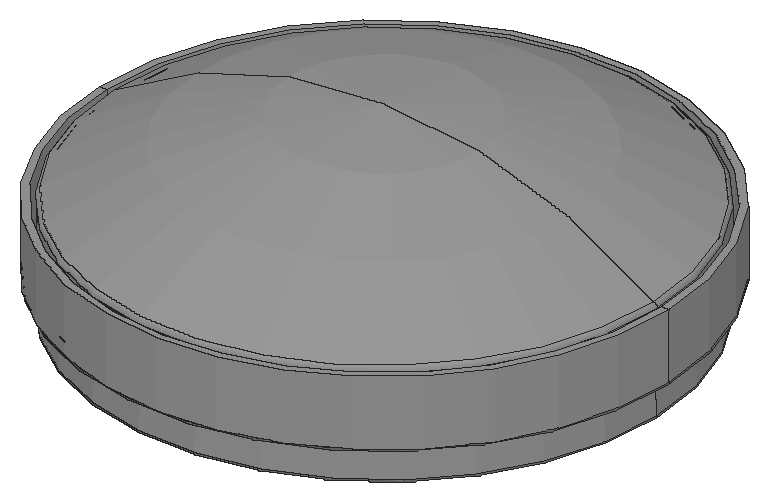
Revit family "3034797 Sylvania Lighting Fixture GIOTTO335 LED G2 3000K SURFACE", category Lighting Fixtures, host Face, Revit 2016
Family settings
  Host = Face
  Part Type = Normal
  Round Connector Dimension = Use Diameter
  OmniClass Number = 23.80.70.00
  OmniClass Title = Lighting
  Cut with Voids When Loaded = No
  Light Source = Yes
  Shared = No
  Room Calculation Point = No
Parameters (values of type "3034797 GIOTTO335 LED G2 SURFACE 3000K")
  Weight = "1.2 kg"
  Wattage Comments = ""
  Wattage = 23 W
  WarrantyStartDate [instance] = "n/a"
  WarrantyGuarantorParts = "n/a"
  WarrantyDurationUnit = "n/a"
  WarrantyDurationParts = "n/a"
  WarrantyDescription = "n/a"
  built-in parameter 1150110 = 1 (stored number, unit not read)
  Voltage = 230 V
  URL = "http://www.sylvania-lighting.com"
  TypeName = "GIOTTO335 LED G2 3000K SURFACE"
  Type Image = <None>
  Type Comments = "n/a"
  built-in parameter 1114217 = 1 (stored number, unit not read)
  Tilt Angle = -90.00°
  built-in parameter 1150109 = 1 (stored number, unit not read)
  built-in parameter 1150134 = (empty or 0)
  built-in parameter 1150113 = 1 (stored number, unit not read)
  SerialNumber [instance] = "n/a"
  Photometric Web File = "3034797.ies"
  Material_3_SYL = LED-Sylvania
  PowerFactor = 0
  PowerConsumption = "23 W"
  NominalLength = 335 mm
  NominalHeight = 110 mm
  NominalDepth = 335 mm
  Name = "GIOTTO335 LED G2 3000K SURFACE"
  ModelReference = Name  # "GIOTTO335 LED G2 3000K SURFACE"
  ModelNumber = "3034797"
  Model = Name  # "GIOTTO335 LED G2 3000K SURFACE"
  Material = "polycarbonate housing, polycarbonate diffuser"
  ManufacturerName = "Feilo Sylvania"
  Manufacturer = "Feilo Sylvania"
  LuminousEfficacy = "92 lm/W"
  built-in parameter 1150105 = 647.62 (stored number, unit not read)
  Lumens = 2116 lm
  LuminaireType = ""
  built-in parameter 1150115 = 1 (stored number, unit not read)
  LightOutputRatio = "n/a"
  built-in parameter 1150137 = (empty or 0)
  built-in parameter 1150139 = (empty or 0)
  LampsType = Lamp  # "LED"
  LampNominalLuminous = "2111 lm"
  LampMacAdamStep = "n/a"
  LampColourTemperature = "3000 K"
  LampColourRenderingIndex = "80"
  built-in parameter 1150112 = 1 (stored number, unit not read)
  built-in parameter 1150114 = 1 (stored number, unit not read)
  Lamp = "LED"
  Keynote = "16500"
  InstallationDate [instance] = "n/a"
  InputVoltage = "n/a"
  InputNominalFrequency = "n/a"
  built-in parameter 1150132 = (empty or 0)
  built-in parameter 1150102 = (empty or 0)
  built-in parameter 1150107 = 3000 (stored number, unit not read)
  built-in parameter 1150138 = (empty or 0)
  IngressProtection = "IP44"
  ImpactProtectionIndex = "IK10"
  built-in parameter 1150106 = 6.4762 (stored number, unit not read)
  IfcExportType = "IfcLightFixtureType"
  IfcExportAs = "IfcLightFixtureType"
  Height_SYL = 110 mm
  ExpectedLife = 50000
  Emit from Circle Diameter = 317 mm
  Emit Shape Visible in Rendering = no
  ElectricShockClassification = "Class I"
  built-in parameter 1150104 = 8.5471 (stored number, unit not read)
  DurationUnit = "hours"
  DocumentationLiterature = "http://www.sylvania-lighting.com/product/en-int/products/3034797"
  DimmingControlOptions = "n/a"
  Material_2_SYL = Polycarbonate_Sylvania_Giotto_Opal
  Dimming Lamp Color Temperature Shift = <None>
  DiffuserRadius_SYL = 282.611 mm
  Diameter_SYL = 335 mm
  Description = "Ambient and decorative round, surface mounted LED bulkhead luminaire. White robust polycarbonate body with opal diffuser, 2111 lm, 23W, 92lm/W, 3000K, CRI 80, non-dimmable, 50,000 hours lumen maintenance. Drive current: 700mA, IP44, IK10, Class I, 220-240V, Energy class: A++, A+, A."
  Default Elevation = 1219.2 mm
  CreatedOn = "9/13/2018"
  CreatedBy = "@sylvania-lighting.com"
  Cost = 0
  Color Filter = 16777215
  built-in parameter 1114216 [instance] = (empty or 0)
  ClassificationValue = "EF_70_80"
  ClassificationName = "Uniclass2015"
  Material_1_SYL = Polycarbonate_Sylvania_Giotto_White
  BarCode [instance] = "n/a"
  built-in parameter 1114218 = 1 (stored number, unit not read)
  built-in parameter 1150133 = 10 (stored number, unit not read)
  AssetType = "Fixed"
  AssetIdentifier [instance] = "n/a"
  Assembly Code = "D5020200"
  Apparent Load = 23 VA
  Material_4_SYL = none
Reference planes
  plane 1 "Center (Front/Back)": y = 0
  plane 2: z = 0
  plane 3 "Center (Left/Right)": x = 0
  plane 4: x = 167.5
  plane 5: x = -167.5
  plane 6: x = -160.5
  plane 7: x = -163.5
  plane 8: z = 110
  plane 9: z = 60
  plane 10: z = 20
  plane 11: z = 25
  plane 12: x = -165.9
  plane 13: z = 21.6
  plane 14: z = 1.6
  plane 15: x = -158.9
  plane 16: z = 19
  plane 17: x = -161.5
  plane 18: z = 26
Forms (mm)
  Revolve 1, solid, material "Polycarbonate_Sylvania_Giotto_White" <- "Material_1_SYL"
    sketch origin (0, 0, 0) x (1, 0, 0) y (0, 0, 1)
      loop
        line (0, 0) -> (0, 26) -> (-158.9, 26) -> (-158.9, 25) -> (-163.5, 25) -> (-163.5, 60) -> (-167.5, 60) -> (-167.5, 21.6)
        arc (-167.5, 21.6) -> (-167.031, 20.469) -> (-165.9, 20) r 1.6
        line (-165.9, 20) -> (-160.5, 20)
        arc (-160.5, 20) -> (-160.193, 19.541) -> (-160.086, 19) r 1.414
        line (-160.086, 19) -> (-160.5, 1.6)
        arc (-160.5, 1.6) -> (-160.031, 0.469) -> (-158.9, 0) r 1.6
        line (-158.9, 0) -> (0, 0)
      axis (0, 60) -> (0, 0)
    angle from 360 to 0
  Revolve 2, solid, material "Polycarbonate_Sylvania_Giotto_Opal" <- "Material_2_SYL"
    sketch origin (0, 0, 0) x (1, 0, 0) y (0, 0, 1)
      loop
        line (-160.5, 25) -> (-158.5, 25) -> (-158.5, 57.891)
        arc (-158.5, 57.891) -> (-158.267, 58.827) -> (-157.623, 59.545) r 2
        arc (-157.623, 59.545) -> (-82.451, 95.612) -> (0, 107.998) r 280.611
        line (0, 107.998) -> (0, 109.998)
        arc (0, 109.998) -> (-83.039, 97.523) -> (-158.747, 61.2) r 282.611
        arc (-158.747, 61.2) -> (-160.035, 59.763) -> (-160.5, 57.891) r 4
        line (-160.5, 57.891) -> (-160.5, 25)
      axis (0, 109.998) -> (0, 25)
    angle from 360 to 0
Dimensions and locks
  equal spacing: plane 4, plane 3 "Center (Left/Right)", plane 5
  "Diameter_SYL": plane 4 to plane 5
  locked: plane 6 to plane 5 at 7
  locked: plane 7 to plane 5 at 4
  "Height_SYL": plane 8 to plane 2
  locked: plane 8 to plane 9 at 50
  locked: plane 9 to plane 10 at 40
  Revolve 1 sketch curve to Revolve 1 sketch curve = 5.4 mm
  locked: plane 11 to plane 10 at 5
  locked: plane 12 to plane 5 at 1.6
  locked: plane 13 to plane 10 at 1.6
  locked: plane 14 to plane 2 at 1.6
  locked: plane 15 to plane 6 at 1.6
  locked: plane 6 to plane 17 at 1
  locked: plane 10 to plane 16 at 1
  locked: plane 18 to plane 11 at 1
  "DiffuserRadius_SYL": radius of Revolve 2 sketch curve
  aligned and locked: plane 2 to host face
  aligned and locked: level to host face
  aligned and locked: Revolve 1 sketch curve to plane 3 "Center (Left/Right)"
  aligned and locked: level to Revolve 1 sketch curve
  aligned and locked: Revolve 1 sketch curve to plane 10
  aligned and locked: plane 9 to Revolve 1 sketch curve
  aligned and locked: Revolve 1 sketch curve to plane 7
  aligned and locked: plane 12 to Revolve 1 sketch curve  (x2)
  aligned and locked: plane 13 to Revolve 1 sketch curve  (x2)
  aligned and locked: plane 17 to Revolve 1 sketch curve
  aligned and locked: plane 16 to Revolve 1 sketch curve  (x2)
  aligned and locked: plane 15 to Revolve 1 sketch curve  (x3)
  aligned and locked: plane 14 to Revolve 1 sketch curve  (x2)
  aligned and locked: Revolve 2 sketch curve to plane 3 "Center (Left/Right)"
  aligned and locked: plane 6 to Revolve 2 sketch curve
  aligned and locked: Revolve 2 sketch curve to Revolve 2 sketch curve
  aligned and locked: plane 3 "Center (Left/Right)" to imposter light
  aligned and locked: imposter light to plane 1 "Center (Front/Back)"
  aligned and locked: plane 18 to Revolve 1 sketch curve
  aligned and locked: plane 11 to Revolve 1 sketch curve
  aligned and locked: plane 11 to Revolve 2 sketch curve
  aligned and locked: plane 3 "Center (Left/Right)" to Revolve 2 sketch curve
  aligned and locked: imposter light to plane 8
Automatic sketch dimensions
  host sketch curve to host sketch curve = 2438.4 mm  (x2)
  Revolve 1 sketch curve to plane 3 "Center (Left/Right)" = 0 mm
  Revolve 1 sketch curve to level = 609.6 mm
  Revolve 1 sketch curve to plane 8 = 2499.058 mm
  Revolve 2 sketch curve to Revolve 2 sketch curve = 0 mm  (x3)
  plane 15 to Revolve 2 sketch curve = 0.4 mm
  Revolve 2 sketch curve to Revolve 2 sketch curve = 2 mm  (x2)
  Revolve 2 sketch curve to level = 172.613 mm
  plane 9 to Revolve 2 sketch curve = 2.109 mm
  Revolve 2 sketch curve to Revolve 2 sketch curve = 436.987 mm
  Revolve 2 sketch curve to plane 8 = 2499.058 mm
Connectors
  electrical at (0, 0, 0), driven by "Apparent Load", driven by "PowerFactor", driven by "Voltage"
    settings: index 1, voltage 230 V, apparent load 23 VA, apparent load phase1 0 VA, apparent load phase2 0 VA, apparent load phase3 0 VA, power factor 0, load classification "Lighting", number of poles 1, system type 30, power factor state 1, is connector primary yes, connector utility no, sub classification motor no, connector description ""
